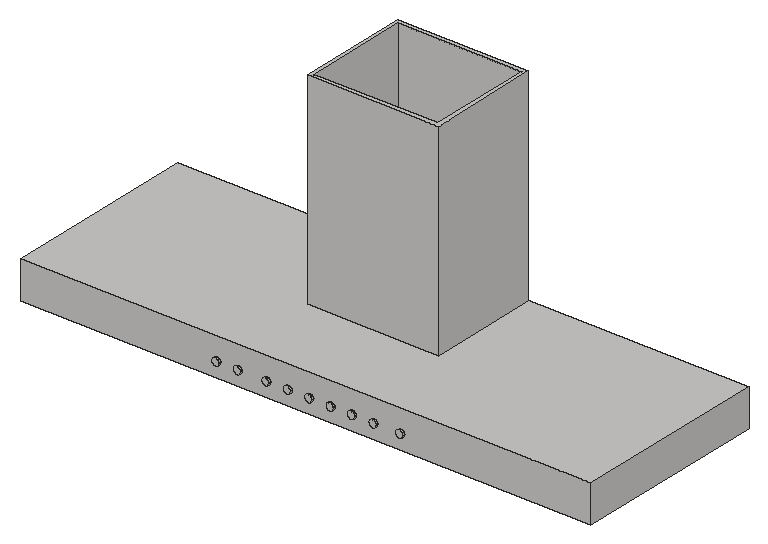
Revit family "AW442720", category Generic Models, Revit 2014
Parameters (values of type "AW442720")
  Width = 1600 mm
  URL = "http://www.gaggenau.com."
  Model = "AW442720"
  Manufacturer = "Gaggenau"
  Height = 680 mm
  Unit = Metal Panel
  Description = "Gaggenau 400 series professional wall hood w/ baffle filters, w/o blower"
  Depth = 550 mm
Reference planes
  plane 1 "Center (Front/Back)": y = 0
  plane 2: z = 0
  plane 3 "Center (Left/Right)": x = 0
  plane 4: x = -800
  plane 5: x = 800
  plane 6: y = 275
  plane 7: y = -275
  plane 8: z = 680
  plane 9: z = 3
  plane 10: z = 330
  plane 11: z = 105
  plane 12: y = -40
  plane 13: x = -183.359
  plane 14: x = 183.359
Forms (mm)
  Extrusion 1, solid, material "Metal Panel" <- "Unit"
    sketch origin (0, 0, 0) x (1, 0, 0) y (0, 1, 0)
      loop
        line (-800, 275) -> (-800, -275) -> (800, -275) -> (800, 275) -> (-800, 275)
      loop
        line (-725, 200) -> (-725, -200) -> (725, -200) -> (725, 200) -> (-725, 200)
    from 0 to 105
  Extrusion 2, solid, material "Metal Panel" <- "Unit"
    sketch origin (0, 0, 0) x (1, 0, 0) y (0, 1, 0)
      loop
        line (-183.359, 275) -> (-183.359, -40) -> (183.359, -40) -> (183.359, 275) -> (-183.359, 275)
      loop
        line (-173.359, 265) -> (-173.359, -30) -> (173.359, -30) -> (173.359, 265) -> (-173.359, 265)
    from 105 to 680
  Extrusion 3, solid, material "Metal Panel" <- "Unit"
    sketch origin (0, 0, 0) x (1, 0, 0) y (0, 1, 0)
      loop
        line (-725, 200) -> (-725, -200) -> (725, -200) -> (725, 200) -> (173.359, 200) -> (173.359, -30) -> (-173.359, -30) -> (-173.359, 200) -> (-725, 200)
    from 48.585 to 105
  Extrusion 4, solid, material "Metal Panel" <- "Unit"
    sketch origin (0, 0, 0) x (0, 1, 0) y (1, 0, 0)
      loop
        line (-200, -687.754) -> (200, -687.754) -> (200, -659.442) -> (-200, -659.442) -> (-200, -687.754)
      loop
        line (-200, -607.754) -> (200, -607.754) -> (200, -579.442) -> (-200, -579.442) -> (-200, -607.754)
      loop
        line (-200, -522.754) -> (200, -522.754) -> (200, -494.442) -> (-200, -494.442) -> (-200, -522.754)
      loop
        line (-200, -422.754) -> (200, -422.754) -> (200, -394.442) -> (-200, -394.442) -> (-200, -422.754)
      loop
        line (-200, -342.754) -> (200, -342.754) -> (200, -314.442) -> (-200, -314.442) -> (-200, -342.754)
      loop
        line (-200, -257.754) -> (200, -257.754) -> (200, -229.442) -> (-200, -229.442) -> (-200, -257.754)
      loop
        line (-200, -157.754) -> (200, -157.754) -> (200, -129.442) -> (-200, -129.442) -> (-200, -157.754)
      loop
        line (-200, -77.754) -> (200, -77.754) -> (200, -49.442) -> (-200, -49.442) -> (-200, -77.754)
      loop
        line (-200, 7.246) -> (200, 7.246) -> (200, 35.558) -> (-200, 35.558) -> (-200, 7.246)
      loop
        line (-200, 107.246) -> (200, 107.246) -> (200, 135.558) -> (-200, 135.558) -> (-200, 107.246)
      loop
        line (-200, 187.246) -> (200, 187.246) -> (200, 215.558) -> (-200, 215.558) -> (-200, 187.246)
      loop
        line (-200, 272.246) -> (200, 272.246) -> (200, 300.558) -> (-200, 300.558) -> (-200, 272.246)
      loop
        line (-200, 372.246) -> (200, 372.246) -> (200, 400.558) -> (-200, 400.558) -> (-200, 372.246)
      loop
        line (-200, 452.246) -> (200, 452.246) -> (200, 480.558) -> (-200, 480.558) -> (-200, 452.246)
      loop
        line (-200, 537.246) -> (200, 537.246) -> (200, 565.558) -> (-200, 565.558) -> (-200, 537.246)
      loop
        line (-200, 637.246) -> (200, 637.246) -> (200, 665.558) -> (-200, 665.558) -> (-200, 637.246)
    from -48.585 to 0
  Extrusion 5, solid, material "Metal Panel" <- "Unit"
    sketch origin (0, 0, 0) x (1, 0, 0) y (0, 0, 1)
      loop
        circle (-248.905, 41.996) r 10
      loop
        circle (-188.905, 41.996) r 10
      loop
        circle (-108.905, 41.996) r 10
      loop
        circle (-48.905, 41.996) r 10
      loop
        circle (11.095, 41.996) r 10
      loop
        circle (71.095, 41.996) r 10
      loop
        circle (131.095, 41.996) r 10
      loop
        circle (191.095, 41.996) r 10
      loop
        circle (266.095, 41.996) r 10
    from 279.116 to 275
Cuts and joins
  joined: Extrusion 1, Extrusion 3
Dimensions and locks
  equal spacing: plane 4, plane 3 "Center (Left/Right)", plane 5
  equal spacing: plane 6, plane 1 "Center (Front/Back)", plane 7
  "Width": plane 4 to plane 5
  "Depth": plane 6 to plane 7
  "Height": plane 8 to plane 2
  plane 6 to plane 12 = 315 mm
  equal spacing: plane 13, plane 3 "Center (Left/Right)", plane 14
  plane 13 to plane 14 = 366.719 mm
  aligned and locked: level to plane 2
Automatic sketch dimensions
  Extrusion 1 sketch curve to plane 4 = 0 mm
  Extrusion 1 sketch curve to plane 5 = 0 mm
  plane 7 to Extrusion 1 sketch curve = 0 mm
  Extrusion 1 sketch curve to plane 6 = 0 mm
  plane 4 to Extrusion 1 sketch curve = 75 mm
  plane 5 to Extrusion 1 sketch curve = 75 mm
  Extrusion 1 sketch curve to plane 7 = 75 mm
  Extrusion 1 sketch curve to plane 6 = 75 mm
  Extrusion 2 sketch curve to plane 12 = 0 mm
  Extrusion 2 sketch curve to plane 13 = 0 mm
  Extrusion 2 sketch curve to plane 6 = 0 mm
  Extrusion 2 sketch curve to plane 14 = 0 mm
  plane 13 to Extrusion 2 sketch curve = 10 mm
  Extrusion 2 sketch curve to plane 14 = 10 mm
  plane 12 to Extrusion 2 sketch curve = 10 mm
  Extrusion 2 sketch curve to plane 6 = 10 mm
  plane 4 to Extrusion 3 sketch curve = 75 mm
  plane 13 to Extrusion 3 sketch curve = 10 mm
  plane 5 to Extrusion 3 sketch curve = 75 mm
  Extrusion 3 sketch curve to plane 7 = 75 mm
  plane 12 to Extrusion 3 sketch curve = 10 mm
  Extrusion 3 sketch curve to plane 14 = 10 mm
  Extrusion 3 sketch curve to plane 6 = 75 mm  (x2)
  Extrusion 1 to Extrusion 4 sketch curve = 0 mm  (x16)
  Extrusion 4 sketch curve to Extrusion 1 = 0 mm  (x16)
  Extrusion 4 sketch curve to Extrusion 1 = 59.442 mm
  Extrusion 4 sketch curve to Extrusion 4 sketch curve = 28.312 mm  (x16)
  Extrusion 4 sketch curve to Extrusion 4 sketch curve = 71.688 mm  (x5)
  Extrusion 4 sketch curve to Extrusion 4 sketch curve = 56.688 mm  (x5)
  Extrusion 4 sketch curve to Extrusion 4 sketch curve = 51.688 mm  (x5)
  Extrusion 5 sketch curve to plane 13 = 65.546 mm
  Extrusion 5 sketch curve to Extrusion 5 sketch curve = 60 mm  (x3)
  Extrusion 5 sketch curve to plane 3 "Center (Left/Right)" = 108.905 mm
  Extrusion 5 sketch curve to plane 3 "Center (Left/Right)" = 48.905 mm
  Extrusion 5 sketch curve to plane 14 = 112.265 mm
  Extrusion 5 sketch curve to plane 14 = 52.265 mm
  plane 9 to Extrusion 5 sketch curve = 38.996 mm  (x9)
  Extrusion 5 sketch curve to Extrusion 5 sketch curve = 75 mm
  radius of Extrusion 5 sketch curve = 10 mm  (x9)
